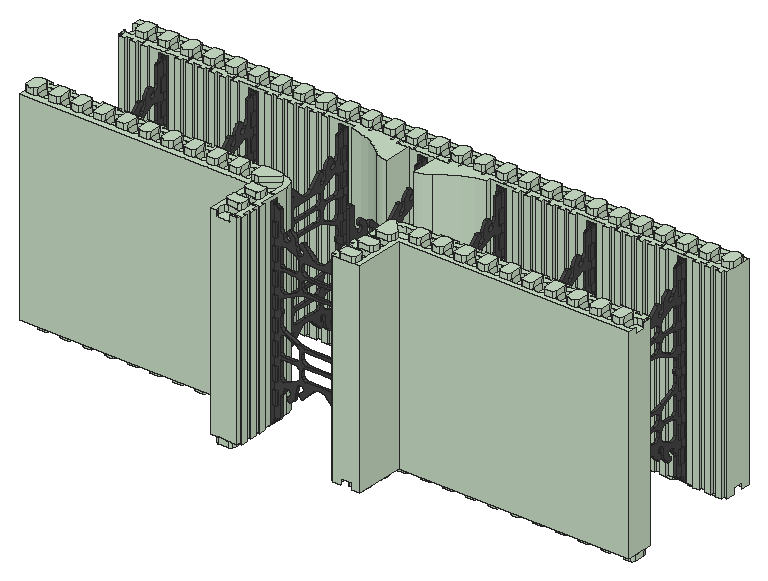
Revit family (continued)
Definition of nested family "NUDURA Diamond Pattern Missing Two Lines"
  Lines and regions (in)
    model lines
      curve 169: arc (3.35367, -5.625, 1.01517) -> (3.24384, -5.625, 0.75) -> (3.35367, -5.625, 0.48484) r 0.375
      curve 170: line (3.35367, -5.625, 0.48484) -> (3.72867, -5.625, 0.10984)
      curve 171: arc (3.72867, -5.625, 0.10984) -> (3.99384, -5.625, 0) -> (4.259, -5.625, 0.10984) r 0.375
      curve 172: line (4.259, -5.625, 0.10984) -> (4.634, -5.625, 0.48484)
      curve 173: arc (4.634, -5.625, 0.48484) -> (4.74384, -5.625, 0.75) -> (4.634, -5.625, 1.01517) r 0.375
      curve 174: line (4.634, -5.625, 1.01517) -> (4.29059, -5.625, 1.35858)
      curve 175: arc (4.29059, -5.625, 1.64142) -> (4.23201, -5.625, 1.5) -> (4.29059, -5.625, 1.35858) r 0.2
      curve 176: arc (4.17062, -5.625, 1.30178) -> (3.99384, -5.625, 1.375) -> (3.81706, -5.625, 1.30178) r 0.25
      curve 177: line (4.54562, -5.625, 0.92678) -> (4.17062, -5.625, 1.30178)
      curve 178: arc (4.54562, -5.625, 0.57322) -> (4.61884, -5.625, 0.75) -> (4.54562, -5.625, 0.92678) r 0.25
      curve 179: line (4.17062, -5.625, 0.19822) -> (4.54562, -5.625, 0.57322)
      curve 180: arc (3.81706, -5.625, 0.19822) -> (3.99384, -5.625, 0.125) -> (4.17062, -5.625, 0.19822) r 0.25
      curve 181: line (3.44206, -5.625, 0.57322) -> (3.81706, -5.625, 0.19822)
      curve 182: arc (3.44206, -5.625, 0.92678) -> (3.36884, -5.625, 0.75) -> (3.44206, -5.625, 0.57322) r 0.25
      curve 183: line (3.81706, -5.625, 1.30178) -> (3.44206, -5.625, 0.92678)
      curve 184: arc (4.29059, -5.625, 3.14142) -> (4.23201, -5.625, 3) -> (4.29059, -5.625, 2.85858) r 0.2
      curve 185: arc (4.29059, -5.625, 4.64142) -> (4.23201, -5.625, 4.5) -> (4.29059, -5.625, 4.35858) r 0.2
      curve 186: arc (4.29059, -5.625, 6.14142) -> (4.23201, -5.625, 6) -> (4.29059, -5.625, 5.85858) r 0.2
      curve 187: arc (4.29059, -5.625, 7.64142) -> (4.23201, -5.625, 7.5) -> (4.29059, -5.625, 7.35858) r 0.2
      curve 188: arc (4.29059, -5.625, 9.14142) -> (4.23201, -5.625, 9) -> (4.29059, -5.625, 8.85858) r 0.2
      curve 189: arc (4.29059, -5.625, 10.64142) -> (4.23201, -5.625, 10.5) -> (4.29059, -5.625, 10.35858) r 0.2
      curve 190: arc (4.29059, -5.625, 12.14142) -> (4.23201, -5.625, 12) -> (4.29059, -5.625, 11.85858) r 0.2
      curve 191: arc (4.29059, -5.625, 13.64142) -> (4.23201, -5.625, 13.5) -> (4.29059, -5.625, 13.35858) r 0.2
      curve 192: arc (4.29059, -5.625, 15.14142) -> (4.23201, -5.625, 15) -> (4.29059, -5.625, 14.85858) r 0.2
      curve 193: arc (4.29059, -5.625, 16.64142) -> (4.23201, -5.625, 16.5) -> (4.29059, -5.625, 16.35858) r 0.2
Definition of nested family "NUDURA Logo Diamond"
  Reference planes (in)
    plane 1 "Center (Front/Back)": y = 0
    plane 2: z = 0
    plane 3 "Center (Left/Right)": x = 0
  Lines and regions (in)
    model lines
      curve 1: line (12.59848, 0, 17.50104) -> (12.24492, 0, 17.85459)
      curve 2: line (12.36113, 0, 16.76872) -> (12.59848, 0, 17.00607)
      curve 3: line (12.59848, 0, 16.00104) -> (12.36113, 0, 16.23839)
      curve 4: line (12.36113, 0, 15.26872) -> (12.59848, 0, 15.50607)
      curve 5: line (12.59848, 0, 14.50104) -> (12.36113, 0, 14.73839)
      curve 6: line (12.36113, 0, 13.76872) -> (12.59848, 0, 14.00607)
      curve 7: line (12.17421, 0, 13.28388) -> (12.71208, 0, 12.74602)
      curve 8: line (12.71208, 0, 12.74602) -> (12.78279, 0, 12.81673)
      curve 9: line (11.28279, 0, 12.74602) -> (11.82066, 0, 13.28388)
      curve 10: line (11.63374, 0, 13.23839) -> (11.21208, 0, 12.81673)
      curve 11: line (11.3964, 0, 14.00607) -> (11.63374, 0, 13.76872)
      curve 12: line (11.63374, 0, 14.73839) -> (11.3964, 0, 14.50104)
      curve 13: line (11.3964, 0, 15.50607) -> (11.63374, 0, 15.26872)
      curve 14: line (11.63374, 0, 16.23839) -> (11.3964, 0, 16.00104)
      curve 15: line (11.3964, 0, 17.00607) -> (11.63374, 0, 16.76872)
      curve 16: line (11.74995, 0, 17.85459) -> (11.3964, 0, 17.50104)
      curve 17: line (11.82066, 0, 17.78388) -> (11.46711, 0, 17.43033)
      curve 18: line (12.52777, 0, 17.43033) -> (12.17421, 0, 17.78388)
      curve 19: line (12.17421, 0, 16.72322) -> (12.52777, 0, 17.07678)
      curve 20: line (11.46711, 0, 17.07678) -> (11.82066, 0, 16.72322)
      curve 21: arc (11.3964, 0, 17.50104) -> (11.29388, 0, 17.25355) -> (11.3964, 0, 17.00607) r 0.35
      curve 22: arc (11.74995, 0, 17.85459) -> (11.99744, 0, 17.95711) -> (12.24492, 0, 17.85459) r 0.35
      curve 23: arc (11.46711, 0, 17.43033) -> (11.39388, 0, 17.25355) -> (11.46711, 0, 17.07678) r 0.25
      curve 24: arc (12.52777, 0, 17.43033) -> (12.60099, 0, 17.25355) -> (12.52777, 0, 17.07678) r 0.25
      curve 25: arc (12.17421, 0, 16.72322) -> (11.99744, 0, 16.65) -> (11.82066, 0, 16.72322) r 0.25
      curve 26: arc (11.82066, 0, 17.78388) -> (11.99744, 0, 17.85711) -> (12.17421, 0, 17.78388) r 0.25
      curve 27: arc (12.59848, 0, 17.50104) -> (12.70099, 0, 17.25355) -> (12.59848, 0, 17.00607) r 0.35
      curve 28: arc (11.63374, 0, 16.76872) -> (11.74358, 0, 16.50355) -> (11.63374, 0, 16.23839) r 0.375
      curve 29: arc (12.36113, 0, 16.76872) -> (12.2513, 0, 16.50355) -> (12.36113, 0, 16.23839) r 0.375
      curve 30: line (12.36113, 0, 15.26872) -> (12.59848, 0, 15.50607)
      curve 31: line (11.3964, 0, 15.50607) -> (11.63374, 0, 15.26872)
      curve 32: line (11.82066, 0, 16.28388) -> (11.46711, 0, 15.93033)
      curve 33: line (12.52777, 0, 15.93033) -> (12.17421, 0, 16.28388)
      curve 34: line (12.17421, 0, 15.22322) -> (12.52777, 0, 15.57678)
      curve 35: line (11.46711, 0, 15.57678) -> (11.82066, 0, 15.22322)
      curve 36: arc (11.3964, 0, 16.00104) -> (11.29388, 0, 15.75355) -> (11.3964, 0, 15.50607) r 0.35
      curve 37: arc (11.46711, 0, 15.93033) -> (11.39388, 0, 15.75355) -> (11.46711, 0, 15.57678) r 0.25
      curve 38: arc (12.52777, 0, 15.93033) -> (12.60099, 0, 15.75355) -> (12.52777, 0, 15.57678) r 0.25
      curve 39: arc (12.17421, 0, 15.22322) -> (11.99744, 0, 15.15) -> (11.82066, 0, 15.22322) r 0.25
      curve 40: arc (11.82066, 0, 16.28388) -> (11.99744, 0, 16.35711) -> (12.17421, 0, 16.28388) r 0.25
      curve 41: arc (12.59848, 0, 16.00104) -> (12.70099, 0, 15.75355) -> (12.59848, 0, 15.50607) r 0.35
      curve 42: line (11.63374, 0, 16.23839) -> (11.3964, 0, 16.00104)
      curve 43: line (12.59848, 0, 16.00104) -> (12.36113, 0, 16.23839)
      curve 44: arc (11.63374, 0, 15.26872) -> (11.74358, 0, 15.00355) -> (11.63374, 0, 14.73839) r 0.375
      curve 45: arc (12.36113, 0, 15.26872) -> (12.2513, 0, 15.00355) -> (12.36113, 0, 14.73839) r 0.375
      curve 46: line (12.36113, 0, 13.76872) -> (12.59848, 0, 14.00607)
      curve 47: line (11.3964, 0, 14.00607) -> (11.63374, 0, 13.76872)
      curve 48: line (11.82066, 0, 14.78388) -> (11.46711, 0, 14.43033)
      curve 49: line (12.52777, 0, 14.43033) -> (12.17421, 0, 14.78388)
      curve 50: line (12.17421, 0, 13.72322) -> (12.52777, 0, 14.07678)
      curve 51: line (11.46711, 0, 14.07678) -> (11.82066, 0, 13.72322)
      curve 52: arc (11.3964, 0, 14.50104) -> (11.29388, 0, 14.25355) -> (11.3964, 0, 14.00607) r 0.35
      curve 53: arc (11.46711, 0, 14.43033) -> (11.39388, 0, 14.25355) -> (11.46711, 0, 14.07678) r 0.25
      curve 54: arc (12.52777, 0, 14.43033) -> (12.60099, 0, 14.25355) -> (12.52777, 0, 14.07678) r 0.25
      curve 55: arc (12.17421, 0, 13.72322) -> (11.99744, 0, 13.65) -> (11.82066, 0, 13.72322) r 0.25
      curve 56: arc (11.82066, 0, 14.78388) -> (11.99744, 0, 14.85711) -> (12.17421, 0, 14.78388) r 0.25
      curve 57: arc (12.59848, 0, 14.50104) -> (12.70099, 0, 14.25355) -> (12.59848, 0, 14.00607) r 0.35
      curve 58: line (11.63374, 0, 14.73839) -> (11.3964, 0, 14.50104)
      curve 59: arc (11.63374, 0, 13.76872) -> (11.74358, 0, 13.50355) -> (11.63374, 0, 13.23839) r 0.375
      curve 60: arc (12.36113, 0, 13.76872) -> (12.2513, 0, 13.50355) -> (12.36113, 0, 13.23839) r 0.375
      curve 61: line (12.78279, 0, 12.81673) -> (12.36113, 0, 13.23839)
      curve 62: line (11.21208, 0, 12.81673) -> (11.28279, 0, 12.74602)
      curve 63: arc (11.82066, 0, 13.28388) -> (11.99744, 0, 13.35711) -> (12.17421, 0, 13.28388) r 0.25
      curve 64: line (12.59848, 0, 0.50607) -> (12.24492, 0, 0.15251)
      curve 65: line (12.36113, 0, 1.23839) -> (12.59848, 0, 1.00104)
      curve 66: line (12.59848, 0, 2.00607) -> (12.36113, 0, 1.76872)
      curve 67: line (12.36113, 0, 2.73839) -> (12.59848, 0, 2.50104)
      curve 68: line (12.59848, 0, 3.50607) -> (12.36113, 0, 3.26872)
      curve 69: line (12.36113, 0, 4.23839) -> (12.59848, 0, 4.00104)
      curve 70: line (12.17421, 0, 4.72322) -> (12.71208, 0, 5.26109)
      curve 71: line (12.71208, 0, 5.26109) -> (12.78279, 0, 5.19038)
      curve 72: line (11.28279, 0, 5.26109) -> (11.82066, 0, 4.72322)
      curve 73: line (11.63374, 0, 4.76872) -> (11.21208, 0, 5.19038)
      curve 74: line (11.3964, 0, 4.00104) -> (11.63374, 0, 4.23839)
      curve 75: line (11.63374, 0, 3.26872) -> (11.3964, 0, 3.50607)
      curve 76: line (11.3964, 0, 2.50104) -> (11.63374, 0, 2.73839)
      curve 77: line (11.63374, 0, 1.76872) -> (11.3964, 0, 2.00607)
      curve 78: line (11.3964, 0, 1.00104) -> (11.63374, 0, 1.23839)
      curve 79: line (11.74995, 0, 0.15251) -> (11.3964, 0, 0.50607)
      curve 80: line (11.82066, 0, 0.22322) -> (11.46711, 0, 0.57678)
      curve 81: line (12.52777, 0, 0.57678) -> (12.17421, 0, 0.22322)
      curve 82: line (12.17421, 0, 1.28388) -> (12.52777, 0, 0.93033)
      curve 83: line (11.46711, 0, 0.93033) -> (11.82066, 0, 1.28388)
      curve 84: arc (11.3964, 0, 0.50607) -> (11.29388, 0, 0.75355) -> (11.3964, 0, 1.00104) r 0.35
      curve 85: arc (11.74995, 0, 0.15251) -> (11.99744, 0, 0.05) -> (12.24492, 0, 0.15251) r 0.35
      curve 86: arc (11.46711, 0, 0.57678) -> (11.39388, 0, 0.75355) -> (11.46711, 0, 0.93033) r 0.25
      curve 87: arc (12.52777, 0, 0.57678) -> (12.60099, 0, 0.75355) -> (12.52777, 0, 0.93033) r 0.25
      curve 88: arc (12.17421, 0, 1.28388) -> (11.99744, 0, 1.35711) -> (11.82066, 0, 1.28388) r 0.25
      curve 89: arc (11.82066, 0, 0.22322) -> (11.99744, 0, 0.15) -> (12.17421, 0, 0.22322) r 0.25
      curve 90: arc (12.59848, 0, 0.50607) -> (12.70099, 0, 0.75355) -> (12.59848, 0, 1.00104) r 0.35
      curve 91: arc (11.63374, 0, 1.23839) -> (11.74358, 0, 1.50355) -> (11.63374, 0, 1.76872) r 0.375
      curve 92: arc (12.36113, 0, 1.23839) -> (12.2513, 0, 1.50355) -> (12.36113, 0, 1.76872) r 0.375
      curve 93: line (12.36113, 0, 2.73839) -> (12.59848, 0, 2.50104)
      curve 94: line (11.3964, 0, 2.50104) -> (11.63374, 0, 2.73839)
      curve 95: line (11.82066, 0, 1.72322) -> (11.46711, 0, 2.07678)
      curve 96: line (12.52777, 0, 2.07678) -> (12.17421, 0, 1.72322)
      curve 97: line (12.17421, 0, 2.78388) -> (12.52777, 0, 2.43033)
      curve 98: line (11.46711, 0, 2.43033) -> (11.82066, 0, 2.78388)
      curve 99: arc (11.3964, 0, 2.00607) -> (11.29388, 0, 2.25355) -> (11.3964, 0, 2.50104) r 0.35
      curve 100: arc (11.46711, 0, 2.07678) -> (11.39388, 0, 2.25355) -> (11.46711, 0, 2.43033) r 0.25
      curve 101: arc (12.52777, 0, 2.07678) -> (12.60099, 0, 2.25355) -> (12.52777, 0, 2.43033) r 0.25
      curve 102: arc (12.17421, 0, 2.78388) -> (11.99744, 0, 2.85711) -> (11.82066, 0, 2.78388) r 0.25
      curve 103: arc (11.82066, 0, 1.72322) -> (11.99744, 0, 1.65) -> (12.17421, 0, 1.72322) r 0.25
      curve 104: arc (12.59848, 0, 2.00607) -> (12.70099, 0, 2.25355) -> (12.59848, 0, 2.50104) r 0.35
      curve 105: line (11.63374, 0, 1.76872) -> (11.3964, 0, 2.00607)
      curve 106: line (12.59848, 0, 2.00607) -> (12.36113, 0, 1.76872)
      curve 107: arc (11.63374, 0, 2.73839) -> (11.74358, 0, 3.00355) -> (11.63374, 0, 3.26872) r 0.375
      curve 108: arc (12.36113, 0, 2.73839) -> (12.2513, 0, 3.00355) -> (12.36113, 0, 3.26872) r 0.375
      curve 109: line (12.36113, 0, 4.23839) -> (12.59848, 0, 4.00104)
      curve 110: line (11.3964, 0, 4.00104) -> (11.63374, 0, 4.23839)
      curve 111: line (11.82066, 0, 3.22322) -> (11.46711, 0, 3.57678)
      curve 112: line (12.52777, 0, 3.57678) -> (12.17421, 0, 3.22322)
      curve 113: line (12.17421, 0, 4.28388) -> (12.52777, 0, 3.93033)
      curve 114: line (11.46711, 0, 3.93033) -> (11.82066, 0, 4.28388)
      curve 115: arc (11.3964, 0, 3.50607) -> (11.29388, 0, 3.75355) -> (11.3964, 0, 4.00104) r 0.35
      curve 116: arc (11.46711, 0, 3.57678) -> (11.39388, 0, 3.75355) -> (11.46711, 0, 3.93033) r 0.25
      curve 117: arc (12.52777, 0, 3.57678) -> (12.60099, 0, 3.75355) -> (12.52777, 0, 3.93033) r 0.25
      curve 118: arc (12.17421, 0, 4.28388) -> (11.99744, 0, 4.35711) -> (11.82066, 0, 4.28388) r 0.25
      curve 119: arc (11.82066, 0, 3.22322) -> (11.99744, 0, 3.15) -> (12.17421, 0, 3.22322) r 0.25
      curve 120: arc (12.59848, 0, 3.50607) -> (12.70099, 0, 3.75355) -> (12.59848, 0, 4.00104) r 0.35
      curve 121: line (11.63374, 0, 3.26872) -> (11.3964, 0, 3.50607)
      curve 122: arc (11.63374, 0, 4.23839) -> (11.74358, 0, 4.50355) -> (11.63374, 0, 4.76872) r 0.375
      curve 123: arc (12.36113, 0, 4.23839) -> (12.2513, 0, 4.50355) -> (12.36113, 0, 4.76872) r 0.375
      curve 124: line (12.78279, 0, 5.19038) -> (12.36113, 0, 4.76872)
      curve 125: line (11.21208, 0, 5.19038) -> (11.28279, 0, 5.26109)
      curve 126: arc (11.82066, 0, 4.72322) -> (11.99744, 0, 4.65) -> (12.17421, 0, 4.72322) r 0.25
      curve 127: line (12.37244, 0, 12.50355) -> (11.62244, 0, 12.50355)
      curve 128: line (12.74744, 0, 5.87855) -> (12.74744, 0, 12.12855)
      curve 129: line (11.24744, 0, 12.12855) -> (11.24744, 0, 5.87855)
      curve 130: line (11.62244, 0, 5.50355) -> (12.37244, 0, 5.50355)
      curve 131: line (12.47232, 0, 12.00355) -> (12.0393, 0, 12.25355)
      curve 132: line (12.47232, 0, 11.50355) -> (12.47232, 0, 12.00355)
      curve 133: line (12.25581, 0, 11.37855) -> (12.47232, 0, 11.50355)
      curve 134: line (12.02256, 0, 11.51322) -> (12.25581, 0, 11.37855)
      curve 135: line (12.22232, 0, 11.62855) -> (12.02256, 0, 11.51322)
      curve 136: line (11.80605, 0, 12.11888) -> (12.22232, 0, 11.87855)
      curve 137: line (12.22232, 0, 11.87855) -> (12.22232, 0, 11.62855)
      curve 138: line (12.0393, 0, 12.25355) -> (11.80605, 0, 12.11888)
      curve 139: line (11.77256, 0, 11.63822) -> (11.97232, 0, 11.75355)
      curve 140: line (11.97232, 0, 11.75355) -> (11.73906, 0, 11.88822)
      curve 141: line (11.73906, 0, 11.88822) -> (11.52256, 0, 11.76322)
      curve 142: line (11.52256, 0, 11.76322) -> (11.52256, 0, 11.26322)
      curve 143: line (11.77256, 0, 11.38822) -> (11.77256, 0, 11.63822)
      curve 144: line (12.18882, 0, 11.14789) -> (11.77256, 0, 11.38822)
      curve 145: line (11.95557, 0, 11.01322) -> (12.18882, 0, 11.14789)
      curve 146: line (11.52256, 0, 11.26322) -> (11.95557, 0, 11.01322)
      curve 147: line (12.31108, 0, 10.60411) -> (11.68379, 0, 10.74458)
      curve 148: line (11.68379, 0, 10.74458) -> (11.68379, 0, 10.51321)
      curve 149: line (11.68379, 0, 10.51321) -> (12.1295, 0, 10.41405)
      curve 150: line (12.1295, 0, 10.41405) -> (11.68379, 0, 10.27358)
      curve 151: line (11.68379, 0, 10.27358) -> (11.68379, 0, 9.8852)
      curve 152: line (11.68379, 0, 9.8852) -> (12.17077, 0, 9.77615)
      curve 153: line (12.17077, 0, 9.77615) -> (12.17077, 0, 9.74472)
      curve 154: line (12.17077, 0, 9.74472) -> (11.86146, 0, 9.80279)
      curve 155: line (11.68379, 0, 9.65536) -> (11.68379, 0, 9.35864)
      curve 156: line (12.07077, 0, 8.74385) -> (12.07077, 0, 8.99996)
      curve 157: line (12.07077, 0, 8.99996) -> (11.68379, 0, 9.08605)
      curve 158: line (11.68379, 0, 9.08605) -> (11.68379, 0, 8.47809)
      curve 159: line (11.91823, 0, 9.06589) -> (12.31108, 0, 8.97792)
      curve 160: line (11.82444, 0, 8.55476) -> (11.82444, 0, 8.79865)
      curve 161: line (11.82444, 0, 8.79865) -> (12.07077, 0, 8.74385)
      curve 162: line (11.68379, 0, 8.07193) -> (11.68379, 0, 7.77522)
      curve 163: line (11.91823, 0, 7.48247) -> (12.21108, 0, 7.41688)
      curve 164: line (12.21108, 0, 7.41688) -> (12.21108, 0, 6.95405)
      curve 165: line (12.16108, 0, 6.90405) -> (12.12077, 0, 6.90405)
      curve 166: line (12.07077, 0, 6.95405) -> (12.07077, 0, 7.08675)
      curve 167: line (12.07077, 0, 7.08675) -> (12.12077, 0, 7.07556)
      curve 168: line (12.12077, 0, 7.07556) -> (12.12077, 0, 7.33463)
      curve 169: line (12.12077, 0, 7.33463) -> (11.68379, 0, 7.43249)
      curve 170: line (11.68379, 0, 7.43249) -> (11.68379, 0, 7.17341)
      curve 171: line (11.68379, 0, 7.17341) -> (11.97077, 0, 7.10915)
      curve 172: line (11.97077, 0, 7.10915) -> (11.97077, 0, 6.99425)
      curve 173: line (11.92077, 0, 6.94425) -> (11.68379, 0, 6.94425)
      curve 174: line (11.68379, 0, 6.94425) -> (11.68379, 0, 6.45682)
      curve 175: line (11.68379, 0, 6.45682) -> (11.78284, 0, 6.38658)
      curve 176: line (11.78284, 0, 6.38658) -> (11.78284, 0, 6.05178)
      curve 177: line (12.12371, 0, 6.14486) -> (11.88284, 0, 6.31567)
      curve 178: line (11.88284, 0, 6.31567) -> (11.88284, 0, 6.07909)
      curve 179: line (11.88284, 0, 6.07909) -> (12.12371, 0, 6.14486)
      curve 180: line (11.78284, 0, 6.05178) -> (11.68379, 0, 6.02474)
      curve 181: line (11.68379, 0, 6.02474) -> (11.68379, 0, 5.75355)
      curve 182: line (11.68379, 0, 5.75355) -> (12.31108, 0, 5.92483)
      curve 183: line (12.31108, 0, 5.92483) -> (12.31108, 0, 6.28791)
      curve 184: line (12.31108, 0, 6.28791) -> (11.76249, 0, 6.67694)
      curve 185: line (11.76249, 0, 6.67694) -> (11.90321, 0, 6.67694)
      curve 186: line (12.31108, 0, 6.78674) -> (12.31108, 0, 7.63562)
      curve 187: line (12.31108, 0, 7.63562) -> (11.90258, 0, 7.7271)
      curve 188: line (11.82444, 0, 7.82469) -> (11.82444, 0, 7.92839)
      curve 189: line (11.88536, 0, 7.97718) -> (12.31108, 0, 7.88185)
      curve 190: line (12.31108, 0, 7.88185) -> (12.31108, 0, 8.13496)
      curve 191: line (12.31108, 0, 8.13496) -> (12.08042, 0, 8.17826)
      curve 192: line (12.31108, 0, 8.38353) -> (12.31108, 0, 8.9465)
      curve 193: line (12.31108, 0, 8.9465) -> (12.17077, 0, 8.97771)
      curve 194: line (12.17077, 0, 8.97771) -> (12.17077, 0, 8.55476)
      curve 195: line (12.31108, 0, 8.97792) -> (12.31108, 0, 9.21905)
      curve 196: line (12.31108, 0, 9.21905) -> (11.90258, 0, 9.31053)
      curve 197: line (11.82444, 0, 9.40811) -> (11.82444, 0, 9.51182)
      curve 198: line (11.87938, 0, 9.56195) -> (12.31108, 0, 9.46528)
      curve 199: line (12.31108, 0, 9.46528) -> (12.31108, 0, 9.98469)
      curve 200: line (12.31108, 0, 9.98469) -> (11.90664, 0, 10.07526)
      curve 201: line (11.90664, 0, 10.07526) -> (12.31108, 0, 10.20747)
      curve 202: line (12.31108, 0, 10.20747) -> (12.31108, 0, 10.60411)
      curve 203: arc (11.68379, 0, 9.65536) -> (11.73801, 0, 9.7708) -> (11.86146, 0, 9.80279) r 0.15
      curve 204: arc (11.68379, 0, 9.35864) -> (11.74962, 0, 9.17112) -> (11.91823, 0, 9.06589) r 0.3
      curve 205: arc (11.84417, 0, 8.22149) -> (11.72718, 0, 8.32679) -> (11.68379, 0, 8.47809) r 0.28547
      curve 206: arc (11.68379, 0, 8.07193) -> (11.73147, 0, 8.18158) -> (11.84417, 0, 8.22149) r 0.14992
      curve 207: arc (11.68379, 0, 7.77522) -> (11.74962, 0, 7.58769) -> (11.91823, 0, 7.48247) r 0.3
      curve 208: arc (11.82444, 0, 7.82469) -> (11.84638, 0, 7.76218) -> (11.90258, 0, 7.7271) r 0.1
      curve 209: arc (11.82444, 0, 7.92839) -> (11.84318, 0, 7.96742) -> (11.88536, 0, 7.97718) r 0.05
      curve 210: arc (12.12077, 0, 6.90405) -> (12.08541, 0, 6.91869) -> (12.07077, 0, 6.95405) r 0.05
      curve 211: arc (12.16108, 0, 6.90405) -> (12.19644, 0, 6.91869) -> (12.21108, 0, 6.95405) r 0.05
      curve 212: arc (11.97077, 0, 6.99425) -> (11.95612, 0, 6.95889) -> (11.92077, 0, 6.94425) r 0.05
      curve 213: arc (11.90321, 0, 6.67694) -> (11.96756, 0, 6.70069) -> (12.00104, 0, 6.76055) r 0.09904
      curve 214: arc (12.00104, 0, 6.76055) -> (12.1681, 0, 6.63117) -> (12.31108, 0, 6.78674) r 0.15613
      curve 215: arc (12.08042, 0, 8.17826) -> (12.24181, 0, 8.22914) -> (12.31108, 0, 8.38353) r 0.20667
      curve 216: arc (11.82444, 0, 8.55476) -> (11.9976, 0, 8.3816) -> (12.17077, 0, 8.55476) r 0.17317
      curve 217: arc (11.82444, 0, 9.40811) -> (11.84638, 0, 9.34561) -> (11.90258, 0, 9.31053) r 0.1
      curve 218: arc (11.82444, 0, 9.51182) -> (11.8459, 0, 9.55306) -> (11.892, 0, 9.55913) r 0.05034
      curve 219: arc (11.24744, 0, 12.12855) -> (11.35727, 0, 12.39372) -> (11.62244, 0, 12.50355) r 0.375
      curve 220: arc (12.37244, 0, 12.50355) -> (12.6376, 0, 12.39372) -> (12.74744, 0, 12.12855) r 0.375
      curve 221: arc (11.24744, 0, 5.87855) -> (11.35727, 0, 5.61339) -> (11.62244, 0, 5.50355) r 0.375
      curve 222: arc (12.37244, 0, 5.50355) -> (12.6376, 0, 5.61339) -> (12.74744, 0, 5.87855) r 0.375
      curve 223: line (9.99744, 0, 18) -> (9.99744, 0, 0)
      curve 224: line (13.99744, 0, 18) -> (13.99744, 0, 0)
      curve 225: line (15.99744, 0, 18) -> (15.99744, 0, 0)
Definition of nested family "NUDURA Diamond Pattern"
  Reference planes (in)
    plane 1 "Center (Front/Back)": y = 0
    plane 2: z = 0
    plane 3 "Center (Left/Right)": x = 0
    plane 4: z = 18
  Lines and regions (in)
    model lines
      curve 1: line (8, -5.625, 18) -> (8, -5.625, 0)
      curve 2: line (6, -5.625, 18) -> (6, -5.625, 0)
      curve 3: line (2, -5.625, 18) -> (2, -5.625, 0)
      curve 4: line (3.35367, -5.625, 16.98484) -> (3.69709, -5.625, 16.64142)
      curve 5: arc (3.35367, -5.625, 17.51517) -> (3.24384, -5.625, 17.25) -> (3.35367, -5.625, 16.98484) r 0.375
      curve 6: line (3.72867, -5.625, 17.89017) -> (3.35367, -5.625, 17.51517)
      curve 7: arc (4.259, -5.625, 17.89017) -> (3.99384, -5.625, 18) -> (3.72867, -5.625, 17.89017) r 0.375
      curve 8: line (4.634, -5.625, 17.51517) -> (4.259, -5.625, 17.89017)
      curve 9: arc (4.634, -5.625, 16.98484) -> (4.74384, -5.625, 17.25) -> (4.634, -5.625, 17.51517) r 0.375
      curve 10: line (4.29059, -5.625, 16.64142) -> (4.634, -5.625, 16.98484)
      curve 11: arc (4.17062, -5.625, 17.80178) -> (3.99384, -5.625, 17.875) -> (3.81706, -5.625, 17.80178) r 0.25
      curve 12: line (4.54562, -5.625, 17.42678) -> (4.17062, -5.625, 17.80178)
      curve 13: arc (4.54562, -5.625, 17.07322) -> (4.61884, -5.625, 17.25) -> (4.54562, -5.625, 17.42678) r 0.25
      curve 14: line (4.17062, -5.625, 16.69822) -> (4.54562, -5.625, 17.07322)
      curve 15: arc (3.81706, -5.625, 16.69822) -> (3.99384, -5.625, 16.625) -> (4.17062, -5.625, 16.69822) r 0.25
      curve 16: line (3.44206, -5.625, 17.07322) -> (3.81706, -5.625, 16.69822)
      curve 17: arc (3.44206, -5.625, 17.42678) -> (3.36884, -5.625, 17.25) -> (3.44206, -5.625, 17.07322) r 0.25
      curve 18: line (3.81706, -5.625, 17.80178) -> (3.44206, -5.625, 17.42678)
      curve 19: arc (3.69709, -5.625, 16.35858) -> (3.75567, -5.625, 16.5) -> (3.69709, -5.625, 16.64142) r 0.2
      curve 20: line (4.634, -5.625, 16.01517) -> (4.29059, -5.625, 16.35858)
      curve 21: arc (4.634, -5.625, 15.48484) -> (4.74384, -5.625, 15.75) -> (4.634, -5.625, 16.01517) r 0.375
      curve 22: line (4.29059, -5.625, 15.14142) -> (4.634, -5.625, 15.48484)
      curve 23: line (3.35367, -5.625, 15.48484) -> (3.69709, -5.625, 15.14142)
      curve 24: arc (3.35367, -5.625, 16.01517) -> (3.24384, -5.625, 15.75) -> (3.35367, -5.625, 15.48484) r 0.375
      curve 25: line (3.69709, -5.625, 16.35858) -> (3.35367, -5.625, 16.01517)
      curve 26: arc (4.17062, -5.625, 16.30178) -> (3.99384, -5.625, 16.375) -> (3.81706, -5.625, 16.30178) r 0.25
      curve 27: line (3.81706, -5.625, 16.30178) -> (3.44206, -5.625, 15.92678)
      curve 28: arc (3.44206, -5.625, 15.92678) -> (3.36884, -5.625, 15.75) -> (3.44206, -5.625, 15.57322) r 0.25
      curve 29: line (3.44206, -5.625, 15.57322) -> (3.81706, -5.625, 15.19822)
      curve 30: arc (3.81706, -5.625, 15.19822) -> (3.99384, -5.625, 15.125) -> (4.17062, -5.625, 15.19822) r 0.25
      curve 31: line (4.17062, -5.625, 15.19822) -> (4.54562, -5.625, 15.57322)
      curve 32: arc (4.54562, -5.625, 15.57322) -> (4.61884, -5.625, 15.75) -> (4.54562, -5.625, 15.92678) r 0.25
      curve 33: line (4.54562, -5.625, 15.92678) -> (4.17062, -5.625, 16.30178)
      curve 34: arc (3.69709, -5.625, 14.85858) -> (3.75567, -5.625, 15) -> (3.69709, -5.625, 15.14142) r 0.2
      curve 35: line (4.634, -5.625, 14.51517) -> (4.29059, -5.625, 14.85858)
      curve 36: arc (4.634, -5.625, 13.98484) -> (4.74384, -5.625, 14.25) -> (4.634, -5.625, 14.51517) r 0.375
      curve 37: line (4.29059, -5.625, 13.64142) -> (4.634, -5.625, 13.98484)
      curve 38: line (3.35367, -5.625, 13.98484) -> (3.69709, -5.625, 13.64142)
      curve 39: arc (3.35367, -5.625, 14.51517) -> (3.24384, -5.625, 14.25) -> (3.35367, -5.625, 13.98484) r 0.375
      curve 40: line (3.69709, -5.625, 14.85858) -> (3.35367, -5.625, 14.51517)
      curve 41: arc (4.17062, -5.625, 14.80178) -> (3.99384, -5.625, 14.875) -> (3.81706, -5.625, 14.80178) r 0.25
      curve 42: line (3.81706, -5.625, 14.80178) -> (3.44206, -5.625, 14.42678)
      curve 43: arc (3.44206, -5.625, 14.42678) -> (3.36884, -5.625, 14.25) -> (3.44206, -5.625, 14.07322) r 0.25
      curve 44: line (3.44206, -5.625, 14.07322) -> (3.81706, -5.625, 13.69822)
      curve 45: arc (3.81706, -5.625, 13.69822) -> (3.99384, -5.625, 13.625) -> (4.17062, -5.625, 13.69822) r 0.25
      curve 46: line (4.17062, -5.625, 13.69822) -> (4.54562, -5.625, 14.07322)
      curve 47: arc (4.54562, -5.625, 14.07322) -> (4.61884, -5.625, 14.25) -> (4.54562, -5.625, 14.42678) r 0.25
      curve 48: line (4.54562, -5.625, 14.42678) -> (4.17062, -5.625, 14.80178)
      curve 49: arc (3.69709, -5.625, 13.35858) -> (3.75567, -5.625, 13.5) -> (3.69709, -5.625, 13.64142) r 0.2
      curve 50: line (4.634, -5.625, 13.01517) -> (4.29059, -5.625, 13.35858)
      curve 51: arc (4.634, -5.625, 12.48484) -> (4.74384, -5.625, 12.75) -> (4.634, -5.625, 13.01517) r 0.375
      curve 52: line (4.29059, -5.625, 12.14142) -> (4.634, -5.625, 12.48484)
      curve 53: line (3.35367, -5.625, 12.48484) -> (3.69709, -5.625, 12.14142)
      curve 54: arc (3.35367, -5.625, 13.01517) -> (3.24384, -5.625, 12.75) -> (3.35367, -5.625, 12.48484) r 0.375
      curve 55: line (3.69709, -5.625, 13.35858) -> (3.35367, -5.625, 13.01517)
      curve 56: arc (4.17062, -5.625, 13.30178) -> (3.99384, -5.625, 13.375) -> (3.81706, -5.625, 13.30178) r 0.25
      curve 57: line (3.81706, -5.625, 13.30178) -> (3.44206, -5.625, 12.92678)
      curve 58: arc (3.44206, -5.625, 12.92678) -> (3.36884, -5.625, 12.75) -> (3.44206, -5.625, 12.57322) r 0.25
      curve 59: line (3.44206, -5.625, 12.57322) -> (3.81706, -5.625, 12.19822)
      curve 60: arc (3.81706, -5.625, 12.19822) -> (3.99384, -5.625, 12.125) -> (4.17062, -5.625, 12.19822) r 0.25
      curve 61: line (4.17062, -5.625, 12.19822) -> (4.54562, -5.625, 12.57322)
      curve 62: arc (4.54562, -5.625, 12.57322) -> (4.61884, -5.625, 12.75) -> (4.54562, -5.625, 12.92678) r 0.25
      curve 63: line (4.54562, -5.625, 12.92678) -> (4.17062, -5.625, 13.30178)
      curve 64: arc (3.69709, -5.625, 11.85858) -> (3.75567, -5.625, 12) -> (3.69709, -5.625, 12.14142) r 0.2
      curve 65: line (4.634, -5.625, 11.51517) -> (4.29059, -5.625, 11.85858)
      curve 66: arc (4.634, -5.625, 10.98484) -> (4.74384, -5.625, 11.25) -> (4.634, -5.625, 11.51517) r 0.375
      curve 67: line (4.29059, -5.625, 10.64142) -> (4.634, -5.625, 10.98484)
      curve 68: line (3.35367, -5.625, 10.98484) -> (3.69709, -5.625, 10.64142)
      curve 69: arc (3.35367, -5.625, 11.51517) -> (3.24384, -5.625, 11.25) -> (3.35367, -5.625, 10.98484) r 0.375
      curve 70: line (3.69709, -5.625, 11.85858) -> (3.35367, -5.625, 11.51517)
      curve 71: arc (4.17062, -5.625, 11.80178) -> (3.99384, -5.625, 11.875) -> (3.81706, -5.625, 11.80178) r 0.25
      curve 72: line (3.81706, -5.625, 11.80178) -> (3.44206, -5.625, 11.42678)
      curve 73: arc (3.44206, -5.625, 11.42678) -> (3.36884, -5.625, 11.25) -> (3.44206, -5.625, 11.07322) r 0.25
      curve 74: line (3.44206, -5.625, 11.07322) -> (3.81706, -5.625, 10.69822)
      curve 75: arc (3.81706, -5.625, 10.69822) -> (3.99384, -5.625, 10.625) -> (4.17062, -5.625, 10.69822) r 0.25
      curve 76: line (4.17062, -5.625, 10.69822) -> (4.54562, -5.625, 11.07322)
      curve 77: arc (4.54562, -5.625, 11.07322) -> (4.61884, -5.625, 11.25) -> (4.54562, -5.625, 11.42678) r 0.25
      curve 78: line (4.54562, -5.625, 11.42678) -> (4.17062, -5.625, 11.80178)
      curve 79: arc (3.69709, -5.625, 10.35858) -> (3.75567, -5.625, 10.5) -> (3.69709, -5.625, 10.64142) r 0.2
      curve 80: line (4.634, -5.625, 10.01517) -> (4.29059, -5.625, 10.35858)
      curve 81: arc (4.634, -5.625, 9.48484) -> (4.74384, -5.625, 9.75) -> (4.634, -5.625, 10.01517) r 0.375
      curve 82: line (4.29059, -5.625, 9.14142) -> (4.634, -5.625, 9.48484)
      curve 83: line (3.35367, -5.625, 9.48484) -> (3.69709, -5.625, 9.14142)
      curve 84: arc (3.35367, -5.625, 10.01517) -> (3.24384, -5.625, 9.75) -> (3.35367, -5.625, 9.48484) r 0.375
      curve 85: line (3.69709, -5.625, 10.35858) -> (3.35367, -5.625, 10.01517)
      curve 86: arc (4.17062, -5.625, 10.30178) -> (3.99384, -5.625, 10.375) -> (3.81706, -5.625, 10.30178) r 0.25
      curve 87: line (3.81706, -5.625, 10.30178) -> (3.44206, -5.625, 9.92678)
      curve 88: arc (3.44206, -5.625, 9.92678) -> (3.36884, -5.625, 9.75) -> (3.44206, -5.625, 9.57322) r 0.25
      curve 89: line (3.44206, -5.625, 9.57322) -> (3.81706, -5.625, 9.19822)
      curve 90: arc (3.81706, -5.625, 9.19822) -> (3.99384, -5.625, 9.125) -> (4.17062, -5.625, 9.19822) r 0.25
      curve 91: line (4.17062, -5.625, 9.19822) -> (4.54562, -5.625, 9.57322)
      curve 92: arc (4.54562, -5.625, 9.57322) -> (4.61884, -5.625, 9.75) -> (4.54562, -5.625, 9.92678) r 0.25
      curve 93: line (4.54562, -5.625, 9.92678) -> (4.17062, -5.625, 10.30178)
      curve 94: arc (3.69709, -5.625, 8.85858) -> (3.75567, -5.625, 9) -> (3.69709, -5.625, 9.14142) r 0.2
      curve 95: line (4.634, -5.625, 8.51517) -> (4.29059, -5.625, 8.85858)
      curve 96: arc (4.634, -5.625, 7.98484) -> (4.74384, -5.625, 8.25) -> (4.634, -5.625, 8.51517) r 0.375
      curve 97: line (4.29059, -5.625, 7.64142) -> (4.634, -5.625, 7.98484)
      curve 98: line (3.35367, -5.625, 7.98484) -> (3.69709, -5.625, 7.64142)
      curve 99: arc (3.35367, -5.625, 8.51517) -> (3.24384, -5.625, 8.25) -> (3.35367, -5.625, 7.98484) r 0.375
      curve 100: line (3.69709, -5.625, 8.85858) -> (3.35367, -5.625, 8.51517)
      curve 101: arc (4.17062, -5.625, 8.80178) -> (3.99384, -5.625, 8.875) -> (3.81706, -5.625, 8.80178) r 0.25
      curve 102: line (3.81706, -5.625, 8.80178) -> (3.44206, -5.625, 8.42678)
      curve 103: arc (3.44206, -5.625, 8.42678) -> (3.36884, -5.625, 8.25) -> (3.44206, -5.625, 8.07322) r 0.25
      curve 104: line (3.44206, -5.625, 8.07322) -> (3.81706, -5.625, 7.69822)
      curve 105: arc (3.81706, -5.625, 7.69822) -> (3.99384, -5.625, 7.625) -> (4.17062, -5.625, 7.69822) r 0.25
      curve 106: line (4.17062, -5.625, 7.69822) -> (4.54562, -5.625, 8.07322)
      curve 107: arc (4.54562, -5.625, 8.07322) -> (4.61884, -5.625, 8.25) -> (4.54562, -5.625, 8.42678) r 0.25
      curve 108: line (4.54562, -5.625, 8.42678) -> (4.17062, -5.625, 8.80178)
      curve 109: arc (3.69709, -5.625, 7.35858) -> (3.75567, -5.625, 7.5) -> (3.69709, -5.625, 7.64142) r 0.2
      curve 110: line (4.634, -5.625, 7.01517) -> (4.29059, -5.625, 7.35858)
      curve 111: arc (4.634, -5.625, 6.48484) -> (4.74384, -5.625, 6.75) -> (4.634, -5.625, 7.01517) r 0.375
      curve 112: line (4.29059, -5.625, 6.14142) -> (4.634, -5.625, 6.48484)
      curve 113: line (3.35367, -5.625, 6.48484) -> (3.69709, -5.625, 6.14142)
      curve 114: arc (3.35367, -5.625, 7.01517) -> (3.24384, -5.625, 6.75) -> (3.35367, -5.625, 6.48484) r 0.375
      curve 115: line (3.69709, -5.625, 7.35858) -> (3.35367, -5.625, 7.01517)
      curve 116: arc (4.17062, -5.625, 7.30178) -> (3.99384, -5.625, 7.375) -> (3.81706, -5.625, 7.30178) r 0.25
      curve 117: line (3.81706, -5.625, 7.30178) -> (3.44206, -5.625, 6.92678)
      curve 118: arc (3.44206, -5.625, 6.92678) -> (3.36884, -5.625, 6.75) -> (3.44206, -5.625, 6.57322) r 0.25
      curve 119: line (3.44206, -5.625, 6.57322) -> (3.81706, -5.625, 6.19822)
      curve 120: arc (3.81706, -5.625, 6.19822) -> (3.99384, -5.625, 6.125) -> (4.17062, -5.625, 6.19822) r 0.25
      curve 121: line (4.17062, -5.625, 6.19822) -> (4.54562, -5.625, 6.57322)
      curve 122: arc (4.54562, -5.625, 6.57322) -> (4.61884, -5.625, 6.75) -> (4.54562, -5.625, 6.92678) r 0.25
      curve 123: line (4.54562, -5.625, 6.92678) -> (4.17062, -5.625, 7.30178)
      curve 124: arc (3.69709, -5.625, 5.85858) -> (3.75567, -5.625, 6) -> (3.69709, -5.625, 6.14142) r 0.2
      curve 125: line (4.634, -5.625, 5.51517) -> (4.29059, -5.625, 5.85858)
      curve 126: arc (4.634, -5.625, 4.98484) -> (4.74384, -5.625, 5.25) -> (4.634, -5.625, 5.51517) r 0.375
      curve 127: line (4.29059, -5.625, 4.64142) -> (4.634, -5.625, 4.98484)
      curve 128: line (3.35367, -5.625, 4.98484) -> (3.69709, -5.625, 4.64142)
      curve 129: arc (3.35367, -5.625, 5.51517) -> (3.24384, -5.625, 5.25) -> (3.35367, -5.625, 4.98484) r 0.375
      curve 130: line (3.69709, -5.625, 5.85858) -> (3.35367, -5.625, 5.51517)
      curve 131: arc (4.17062, -5.625, 5.80178) -> (3.99384, -5.625, 5.875) -> (3.81706, -5.625, 5.80178) r 0.25
      curve 132: line (3.81706, -5.625, 5.80178) -> (3.44206, -5.625, 5.42678)
      curve 133: arc (3.44206, -5.625, 5.42678) -> (3.36884, -5.625, 5.25) -> (3.44206, -5.625, 5.07322) r 0.25
      curve 134: line (3.44206, -5.625, 5.07322) -> (3.81706, -5.625, 4.69822)
      curve 135: arc (3.81706, -5.625, 4.69822) -> (3.99384, -5.625, 4.625) -> (4.17062, -5.625, 4.69822) r 0.25
      curve 136: line (4.17062, -5.625, 4.69822) -> (4.54562, -5.625, 5.07322)
      curve 137: arc (4.54562, -5.625, 5.07322) -> (4.61884, -5.625, 5.25) -> (4.54562, -5.625, 5.42678) r 0.25
      curve 138: line (4.54562, -5.625, 5.42678) -> (4.17062, -5.625, 5.80178)
      curve 139: arc (3.69709, -5.625, 4.35858) -> (3.75567, -5.625, 4.5) -> (3.69709, -5.625, 4.64142) r 0.2
      curve 140: line (4.634, -5.625, 4.01517) -> (4.29059, -5.625, 4.35858)
      curve 141: arc (4.634, -5.625, 3.48484) -> (4.74384, -5.625, 3.75) -> (4.634, -5.625, 4.01517) r 0.375
      curve 142: line (4.29059, -5.625, 3.14142) -> (4.634, -5.625, 3.48484)
      curve 143: line (3.35367, -5.625, 3.48484) -> (3.69709, -5.625, 3.14142)
      curve 144: arc (3.35367, -5.625, 4.01517) -> (3.24384, -5.625, 3.75) -> (3.35367, -5.625, 3.48484) r 0.375
      curve 145: line (3.69709, -5.625, 4.35858) -> (3.35367, -5.625, 4.01517)
      curve 146: arc (4.17062, -5.625, 4.30178) -> (3.99384, -5.625, 4.375) -> (3.81706, -5.625, 4.30178) r 0.25
      curve 147: line (3.81706, -5.625, 4.30178) -> (3.44206, -5.625, 3.92678)
      curve 148: arc (3.44206, -5.625, 3.92678) -> (3.36884, -5.625, 3.75) -> (3.44206, -5.625, 3.57322) r 0.25
      curve 149: line (3.44206, -5.625, 3.57322) -> (3.81706, -5.625, 3.19822)
      curve 150: arc (3.81706, -5.625, 3.19822) -> (3.99384, -5.625, 3.125) -> (4.17062, -5.625, 3.19822) r 0.25
      curve 151: line (4.17062, -5.625, 3.19822) -> (4.54562, -5.625, 3.57322)
      curve 152: arc (4.54562, -5.625, 3.57322) -> (4.61884, -5.625, 3.75) -> (4.54562, -5.625, 3.92678) r 0.25
      curve 153: line (4.54562, -5.625, 3.92678) -> (4.17062, -5.625, 4.30178)
      curve 154: arc (3.69709, -5.625, 2.85858) -> (3.75567, -5.625, 3) -> (3.69709, -5.625, 3.14142) r 0.2
      curve 155: line (4.634, -5.625, 2.51517) -> (4.29059, -5.625, 2.85858)
      curve 156: arc (4.634, -5.625, 1.98484) -> (4.74384, -5.625, 2.25) -> (4.634, -5.625, 2.51517) r 0.375
      curve 157: line (4.29059, -5.625, 1.64142) -> (4.634, -5.625, 1.98484)
      curve 158: line (3.35367, -5.625, 1.98484) -> (3.69709, -5.625, 1.64142)
      curve 159: arc (3.35367, -5.625, 2.51517) -> (3.24384, -5.625, 2.25) -> (3.35367, -5.625, 1.98484) r 0.375
      curve 160: line (3.69709, -5.625, 2.85858) -> (3.35367, -5.625, 2.51517)
      curve 161: arc (4.17062, -5.625, 2.80178) -> (3.99384, -5.625, 2.875) -> (3.81706, -5.625, 2.80178) r 0.25
      curve 162: line (3.81706, -5.625, 2.80178) -> (3.44206, -5.625, 2.42678)
      curve 163: arc (3.44206, -5.625, 2.42678) -> (3.36884, -5.625, 2.25) -> (3.44206, -5.625, 2.07322) r 0.25
      curve 164: line (3.44206, -5.625, 2.07322) -> (3.81706, -5.625, 1.69822)
      curve 165: arc (3.81706, -5.625, 1.69822) -> (3.99384, -5.625, 1.625) -> (4.17062, -5.625, 1.69822) r 0.25
      curve 166: line (4.17062, -5.625, 1.69822) -> (4.54562, -5.625, 2.07322)
      curve 167: arc (4.54562, -5.625, 2.07322) -> (4.61884, -5.625, 2.25) -> (4.54562, -5.625, 2.42678) r 0.25
      curve 168: line (4.54562, -5.625, 2.42678) -> (4.17062, -5.625, 2.80178)
      curve 169: arc (3.69709, -5.625, 1.35858) -> (3.75567, -5.625, 1.5) -> (3.69709, -5.625, 1.64142) r 0.2
      curve 170: line (3.69709, -5.625, 1.35858) -> (3.35367, -5.625, 1.01517)
      curve 171: arc (3.35367, -5.625, 1.01517) -> (3.24384, -5.625, 0.75) -> (3.35367, -5.625, 0.48484) r 0.375
      curve 172: line (3.35367, -5.625, 0.48484) -> (3.72867, -5.625, 0.10984)
      curve 173: arc (3.72867, -5.625, 0.10984) -> (3.99384, -5.625, 0) -> (4.259, -5.625, 0.10984) r 0.375
      curve 174: line (4.259, -5.625, 0.10984) -> (4.634, -5.625, 0.48484)
      curve 175: arc (4.634, -5.625, 0.48484) -> (4.74384, -5.625, 0.75) -> (4.634, -5.625, 1.01517) r 0.375
      curve 176: line (4.634, -5.625, 1.01517) -> (4.29059, -5.625, 1.35858)
      curve 177: arc (4.29059, -5.625, 1.64142) -> (4.23201, -5.625, 1.5) -> (4.29059, -5.625, 1.35858) r 0.2
      curve 178: arc (4.17062, -5.625, 1.30178) -> (3.99384, -5.625, 1.375) -> (3.81706, -5.625, 1.30178) r 0.25
      curve 179: line (4.54562, -5.625, 0.92678) -> (4.17062, -5.625, 1.30178)
      curve 180: arc (4.54562, -5.625, 0.57322) -> (4.61884, -5.625, 0.75) -> (4.54562, -5.625, 0.92678) r 0.25
      curve 181: line (4.17062, -5.625, 0.19822) -> (4.54562, -5.625, 0.57322)
      curve 182: arc (3.81706, -5.625, 0.19822) -> (3.99384, -5.625, 0.125) -> (4.17062, -5.625, 0.19822) r 0.25
      curve 183: line (3.44206, -5.625, 0.57322) -> (3.81706, -5.625, 0.19822)
      curve 184: arc (3.44206, -5.625, 0.92678) -> (3.36884, -5.625, 0.75) -> (3.44206, -5.625, 0.57322) r 0.25
      curve 185: line (3.81706, -5.625, 1.30178) -> (3.44206, -5.625, 0.92678)
      curve 186: arc (4.29059, -5.625, 3.14142) -> (4.23201, -5.625, 3) -> (4.29059, -5.625, 2.85858) r 0.2
      curve 187: arc (4.29059, -5.625, 4.64142) -> (4.23201, -5.625, 4.5) -> (4.29059, -5.625, 4.35858) r 0.2
      curve 188: arc (4.29059, -5.625, 6.14142) -> (4.23201, -5.625, 6) -> (4.29059, -5.625, 5.85858) r 0.2
      curve 189: arc (4.29059, -5.625, 7.64142) -> (4.23201, -5.625, 7.5) -> (4.29059, -5.625, 7.35858) r 0.2
      curve 190: arc (4.29059, -5.625, 9.14142) -> (4.23201, -5.625, 9) -> (4.29059, -5.625, 8.85858) r 0.2
      curve 191: arc (4.29059, -5.625, 10.64142) -> (4.23201, -5.625, 10.5) -> (4.29059, -5.625, 10.35858) r 0.2
      curve 192: arc (4.29059, -5.625, 12.14142) -> (4.23201, -5.625, 12) -> (4.29059, -5.625, 11.85858) r 0.2
      curve 193: arc (4.29059, -5.625, 13.64142) -> (4.23201, -5.625, 13.5) -> (4.29059, -5.625, 13.35858) r 0.2
      curve 194: arc (4.29059, -5.625, 15.14142) -> (4.23201, -5.625, 15) -> (4.29059, -5.625, 14.85858) r 0.2
      curve 195: arc (4.29059, -5.625, 16.64142) -> (4.23201, -5.625, 16.5) -> (4.29059, -5.625, 16.35858) r 0.2
Definition of nested family "NUDURA Diamond Pattern Missing Left Line"
  Reference planes (in)
    plane 1 "Center (Front/Back)": y = 0
    plane 2: z = 0
    plane 3 "Center (Left/Right)": x = 0
    plane 4: z = 18
  Lines and regions (in)
    model lines
      curve 1: line (8, -5.625, 18) -> (8, -5.625, 0)
      curve 2: line (6, -5.625, 18) -> (6, -5.625, 0)
      curve 3: line (3.35367, -5.625, 16.98484) -> (3.69709, -5.625, 16.64142)
      curve 4: arc (3.35367, -5.625, 17.51517) -> (3.24384, -5.625, 17.25) -> (3.35367, -5.625, 16.98484) r 0.375
      curve 5: line (3.72867, -5.625, 17.89017) -> (3.35367, -5.625, 17.51517)
      curve 6: arc (4.259, -5.625, 17.89017) -> (3.99384, -5.625, 18) -> (3.72867, -5.625, 17.89017) r 0.375
      curve 7: line (4.634, -5.625, 17.51517) -> (4.259, -5.625, 17.89017)
      curve 8: arc (4.634, -5.625, 16.98484) -> (4.74384, -5.625, 17.25) -> (4.634, -5.625, 17.51517) r 0.375
      curve 9: line (4.29059, -5.625, 16.64142) -> (4.634, -5.625, 16.98484)
      curve 10: arc (4.17062, -5.625, 17.80178) -> (3.99384, -5.625, 17.875) -> (3.81706, -5.625, 17.80178) r 0.25
      curve 11: line (4.54562, -5.625, 17.42678) -> (4.17062, -5.625, 17.80178)
      curve 12: arc (4.54562, -5.625, 17.07322) -> (4.61884, -5.625, 17.25) -> (4.54562, -5.625, 17.42678) r 0.25
      curve 13: line (4.17062, -5.625, 16.69822) -> (4.54562, -5.625, 17.07322)
      curve 14: arc (3.81706, -5.625, 16.69822) -> (3.99384, -5.625, 16.625) -> (4.17062, -5.625, 16.69822) r 0.25
      curve 15: line (3.44206, -5.625, 17.07322) -> (3.81706, -5.625, 16.69822)
      curve 16: arc (3.44206, -5.625, 17.42678) -> (3.36884, -5.625, 17.25) -> (3.44206, -5.625, 17.07322) r 0.25
      curve 17: line (3.81706, -5.625, 17.80178) -> (3.44206, -5.625, 17.42678)
      curve 18: arc (3.69709, -5.625, 16.35858) -> (3.75567, -5.625, 16.5) -> (3.69709, -5.625, 16.64142) r 0.2
      curve 19: line (4.634, -5.625, 16.01517) -> (4.29059, -5.625, 16.35858)
      curve 20: arc (4.634, -5.625, 15.48484) -> (4.74384, -5.625, 15.75) -> (4.634, -5.625, 16.01517) r 0.375
      curve 21: line (4.29059, -5.625, 15.14142) -> (4.634, -5.625, 15.48484)
      curve 22: line (3.35367, -5.625, 15.48484) -> (3.69709, -5.625, 15.14142)
      curve 23: arc (3.35367, -5.625, 16.01517) -> (3.24384, -5.625, 15.75) -> (3.35367, -5.625, 15.48484) r 0.375
      curve 24: line (3.69709, -5.625, 16.35858) -> (3.35367, -5.625, 16.01517)
      curve 25: arc (4.17062, -5.625, 16.30178) -> (3.99384, -5.625, 16.375) -> (3.81706, -5.625, 16.30178) r 0.25
      curve 26: line (3.81706, -5.625, 16.30178) -> (3.44206, -5.625, 15.92678)
      curve 27: arc (3.44206, -5.625, 15.92678) -> (3.36884, -5.625, 15.75) -> (3.44206, -5.625, 15.57322) r 0.25
      curve 28: line (3.44206, -5.625, 15.57322) -> (3.81706, -5.625, 15.19822)
      curve 29: arc (3.81706, -5.625, 15.19822) -> (3.99384, -5.625, 15.125) -> (4.17062, -5.625, 15.19822) r 0.25
      curve 30: line (4.17062, -5.625, 15.19822) -> (4.54562, -5.625, 15.57322)
      curve 31: arc (4.54562, -5.625, 15.57322) -> (4.61884, -5.625, 15.75) -> (4.54562, -5.625, 15.92678) r 0.25
      curve 32: line (4.54562, -5.625, 15.92678) -> (4.17062, -5.625, 16.30178)
      curve 33: arc (3.69709, -5.625, 14.85858) -> (3.75567, -5.625, 15) -> (3.69709, -5.625, 15.14142) r 0.2
      curve 34: line (4.634, -5.625, 14.51517) -> (4.29059, -5.625, 14.85858)
      curve 35: arc (4.634, -5.625, 13.98484) -> (4.74384, -5.625, 14.25) -> (4.634, -5.625, 14.51517) r 0.375
      curve 36: line (4.29059, -5.625, 13.64142) -> (4.634, -5.625, 13.98484)
      curve 37: line (3.35367, -5.625, 13.98484) -> (3.69709, -5.625, 13.64142)
      curve 38: arc (3.35367, -5.625, 14.51517) -> (3.24384, -5.625, 14.25) -> (3.35367, -5.625, 13.98484) r 0.375
      curve 39: line (3.69709, -5.625, 14.85858) -> (3.35367, -5.625, 14.51517)
      curve 40: arc (4.17062, -5.625, 14.80178) -> (3.99384, -5.625, 14.875) -> (3.81706, -5.625, 14.80178) r 0.25
      curve 41: line (3.81706, -5.625, 14.80178) -> (3.44206, -5.625, 14.42678)
      curve 42: arc (3.44206, -5.625, 14.42678) -> (3.36884, -5.625, 14.25) -> (3.44206, -5.625, 14.07322) r 0.25
      curve 43: line (3.44206, -5.625, 14.07322) -> (3.81706, -5.625, 13.69822)
      curve 44: arc (3.81706, -5.625, 13.69822) -> (3.99384, -5.625, 13.625) -> (4.17062, -5.625, 13.69822) r 0.25
      curve 45: line (4.17062, -5.625, 13.69822) -> (4.54562, -5.625, 14.07322)
      curve 46: arc (4.54562, -5.625, 14.07322) -> (4.61884, -5.625, 14.25) -> (4.54562, -5.625, 14.42678) r 0.25
      curve 47: line (4.54562, -5.625, 14.42678) -> (4.17062, -5.625, 14.80178)
      curve 48: arc (3.69709, -5.625, 13.35858) -> (3.75567, -5.625, 13.5) -> (3.69709, -5.625, 13.64142) r 0.2
      curve 49: line (4.634, -5.625, 13.01517) -> (4.29059, -5.625, 13.35858)
      curve 50: arc (4.634, -5.625, 12.48484) -> (4.74384, -5.625, 12.75) -> (4.634, -5.625, 13.01517) r 0.375
      curve 51: line (4.29059, -5.625, 12.14142) -> (4.634, -5.625, 12.48484)
      curve 52: line (3.35367, -5.625, 12.48484) -> (3.69709, -5.625, 12.14142)
      curve 53: arc (3.35367, -5.625, 13.01517) -> (3.24384, -5.625, 12.75) -> (3.35367, -5.625, 12.48484) r 0.375
      curve 54: line (3.69709, -5.625, 13.35858) -> (3.35367, -5.625, 13.01517)
      curve 55: arc (4.17062, -5.625, 13.30178) -> (3.99384, -5.625, 13.375) -> (3.81706, -5.625, 13.30178) r 0.25
      curve 56: line (3.81706, -5.625, 13.30178) -> (3.44206, -5.625, 12.92678)
      curve 57: arc (3.44206, -5.625, 12.92678) -> (3.36884, -5.625, 12.75) -> (3.44206, -5.625, 12.57322) r 0.25
      curve 58: line (3.44206, -5.625, 12.57322) -> (3.81706, -5.625, 12.19822)
      curve 59: arc (3.81706, -5.625, 12.19822) -> (3.99384, -5.625, 12.125) -> (4.17062, -5.625, 12.19822) r 0.25
      curve 60: line (4.17062, -5.625, 12.19822) -> (4.54562, -5.625, 12.57322)
      curve 61: arc (4.54562, -5.625, 12.57322) -> (4.61884, -5.625, 12.75) -> (4.54562, -5.625, 12.92678) r 0.25
      curve 62: line (4.54562, -5.625, 12.92678) -> (4.17062, -5.625, 13.30178)
      curve 63: arc (3.69709, -5.625, 11.85858) -> (3.75567, -5.625, 12) -> (3.69709, -5.625, 12.14142) r 0.2
      curve 64: line (4.634, -5.625, 11.51517) -> (4.29059, -5.625, 11.85858)
      curve 65: arc (4.634, -5.625, 10.98484) -> (4.74384, -5.625, 11.25) -> (4.634, -5.625, 11.51517) r 0.375
      curve 66: line (4.29059, -5.625, 10.64142) -> (4.634, -5.625, 10.98484)
      curve 67: line (3.35367, -5.625, 10.98484) -> (3.69709, -5.625, 10.64142)
      curve 68: arc (3.35367, -5.625, 11.51517) -> (3.24384, -5.625, 11.25) -> (3.35367, -5.625, 10.98484) r 0.375
      curve 69: line (3.69709, -5.625, 11.85858) -> (3.35367, -5.625, 11.51517)
      curve 70: arc (4.17062, -5.625, 11.80178) -> (3.99384, -5.625, 11.875) -> (3.81706, -5.625, 11.80178) r 0.25
      curve 71: line (3.81706, -5.625, 11.80178) -> (3.44206, -5.625, 11.42678)
      curve 72: arc (3.44206, -5.625, 11.42678) -> (3.36884, -5.625, 11.25) -> (3.44206, -5.625, 11.07322) r 0.25
      curve 73: line (3.44206, -5.625, 11.07322) -> (3.81706, -5.625, 10.69822)
      curve 74: arc (3.81706, -5.625, 10.69822) -> (3.99384, -5.625, 10.625) -> (4.17062, -5.625, 10.69822) r 0.25
      curve 75: line (4.17062, -5.625, 10.69822) -> (4.54562, -5.625, 11.07322)
      curve 76: arc (4.54562, -5.625, 11.07322) -> (4.61884, -5.625, 11.25) -> (4.54562, -5.625, 11.42678) r 0.25
      curve 77: line (4.54562, -5.625, 11.42678) -> (4.17062, -5.625, 11.80178)
      curve 78: arc (3.69709, -5.625, 10.35858) -> (3.75567, -5.625, 10.5) -> (3.69709, -5.625, 10.64142) r 0.2
      curve 79: line (4.634, -5.625, 10.01517) -> (4.29059, -5.625, 10.35858)
      curve 80: arc (4.634, -5.625, 9.48484) -> (4.74384, -5.625, 9.75) -> (4.634, -5.625, 10.01517) r 0.375
      curve 81: line (4.29059, -5.625, 9.14142) -> (4.634, -5.625, 9.48484)
      curve 82: line (3.35367, -5.625, 9.48484) -> (3.69709, -5.625, 9.14142)
      curve 83: arc (3.35367, -5.625, 10.01517) -> (3.24384, -5.625, 9.75) -> (3.35367, -5.625, 9.48484) r 0.375
      curve 84: line (3.69709, -5.625, 10.35858) -> (3.35367, -5.625, 10.01517)
      curve 85: arc (4.17062, -5.625, 10.30178) -> (3.99384, -5.625, 10.375) -> (3.81706, -5.625, 10.30178) r 0.25
      curve 86: line (3.81706, -5.625, 10.30178) -> (3.44206, -5.625, 9.92678)
      curve 87: arc (3.44206, -5.625, 9.92678) -> (3.36884, -5.625, 9.75) -> (3.44206, -5.625, 9.57322) r 0.25
      curve 88: line (3.44206, -5.625, 9.57322) -> (3.81706, -5.625, 9.19822)
      curve 89: arc (3.81706, -5.625, 9.19822) -> (3.99384, -5.625, 9.125) -> (4.17062, -5.625, 9.19822) r 0.25
      curve 90: line (4.17062, -5.625, 9.19822) -> (4.54562, -5.625, 9.57322)
      curve 91: arc (4.54562, -5.625, 9.57322) -> (4.61884, -5.625, 9.75) -> (4.54562, -5.625, 9.92678) r 0.25
      curve 92: line (4.54562, -5.625, 9.92678) -> (4.17062, -5.625, 10.30178)
      curve 93: arc (3.69709, -5.625, 8.85858) -> (3.75567, -5.625, 9) -> (3.69709, -5.625, 9.14142) r 0.2
      curve 94: line (4.634, -5.625, 8.51517) -> (4.29059, -5.625, 8.85858)
      curve 95: arc (4.634, -5.625, 7.98484) -> (4.74384, -5.625, 8.25) -> (4.634, -5.625, 8.51517) r 0.375
      curve 96: line (4.29059, -5.625, 7.64142) -> (4.634, -5.625, 7.98484)
      curve 97: line (3.35367, -5.625, 7.98484) -> (3.69709, -5.625, 7.64142)
      curve 98: arc (3.35367, -5.625, 8.51517) -> (3.24384, -5.625, 8.25) -> (3.35367, -5.625, 7.98484) r 0.375
      curve 99: line (3.69709, -5.625, 8.85858) -> (3.35367, -5.625, 8.51517)
      curve 100: arc (4.17062, -5.625, 8.80178) -> (3.99384, -5.625, 8.875) -> (3.81706, -5.625, 8.80178) r 0.25
      curve 101: line (3.81706, -5.625, 8.80178) -> (3.44206, -5.625, 8.42678)
      curve 102: arc (3.44206, -5.625, 8.42678) -> (3.36884, -5.625, 8.25) -> (3.44206, -5.625, 8.07322) r 0.25
      curve 103: line (3.44206, -5.625, 8.07322) -> (3.81706, -5.625, 7.69822)
      curve 104: arc (3.81706, -5.625, 7.69822) -> (3.99384, -5.625, 7.625) -> (4.17062, -5.625, 7.69822) r 0.25
      curve 105: line (4.17062, -5.625, 7.69822) -> (4.54562, -5.625, 8.07322)
      curve 106: arc (4.54562, -5.625, 8.07322) -> (4.61884, -5.625, 8.25) -> (4.54562, -5.625, 8.42678) r 0.25
      curve 107: line (4.54562, -5.625, 8.42678) -> (4.17062, -5.625, 8.80178)
      curve 108: arc (3.69709, -5.625, 7.35858) -> (3.75567, -5.625, 7.5) -> (3.69709, -5.625, 7.64142) r 0.2
      curve 109: line (4.634, -5.625, 7.01517) -> (4.29059, -5.625, 7.35858)
      curve 110: arc (4.634, -5.625, 6.48484) -> (4.74384, -5.625, 6.75) -> (4.634, -5.625, 7.01517) r 0.375
      curve 111: line (4.29059, -5.625, 6.14142) -> (4.634, -5.625, 6.48484)
      curve 112: line (3.35367, -5.625, 6.48484) -> (3.69709, -5.625, 6.14142)
      curve 113: arc (3.35367, -5.625, 7.01517) -> (3.24384, -5.625, 6.75) -> (3.35367, -5.625, 6.48484) r 0.375
      curve 114: line (3.69709, -5.625, 7.35858) -> (3.35367, -5.625, 7.01517)
      curve 115: arc (4.17062, -5.625, 7.30178) -> (3.99384, -5.625, 7.375) -> (3.81706, -5.625, 7.30178) r 0.25
      curve 116: line (3.81706, -5.625, 7.30178) -> (3.44206, -5.625, 6.92678)
      curve 117: arc (3.44206, -5.625, 6.92678) -> (3.36884, -5.625, 6.75) -> (3.44206, -5.625, 6.57322) r 0.25
      curve 118: line (3.44206, -5.625, 6.57322) -> (3.81706, -5.625, 6.19822)
      curve 119: arc (3.81706, -5.625, 6.19822) -> (3.99384, -5.625, 6.125) -> (4.17062, -5.625, 6.19822) r 0.25
      curve 120: line (4.17062, -5.625, 6.19822) -> (4.54562, -5.625, 6.57322)
      curve 121: arc (4.54562, -5.625, 6.57322) -> (4.61884, -5.625, 6.75) -> (4.54562, -5.625, 6.92678) r 0.25
      curve 122: line (4.54562, -5.625, 6.92678) -> (4.17062, -5.625, 7.30178)
      curve 123: arc (3.69709, -5.625, 5.85858) -> (3.75567, -5.625, 6) -> (3.69709, -5.625, 6.14142) r 0.2
      curve 124: line (4.634, -5.625, 5.51517) -> (4.29059, -5.625, 5.85858)
      curve 125: arc (4.634, -5.625, 4.98484) -> (4.74384, -5.625, 5.25) -> (4.634, -5.625, 5.51517) r 0.375
      curve 126: line (4.29059, -5.625, 4.64142) -> (4.634, -5.625, 4.98484)
      curve 127: line (3.35367, -5.625, 4.98484) -> (3.69709, -5.625, 4.64142)
      curve 128: arc (3.35367, -5.625, 5.51517) -> (3.24384, -5.625, 5.25) -> (3.35367, -5.625, 4.98484) r 0.375
      curve 129: line (3.69709, -5.625, 5.85858) -> (3.35367, -5.625, 5.51517)
      curve 130: arc (4.17062, -5.625, 5.80178) -> (3.99384, -5.625, 5.875) -> (3.81706, -5.625, 5.80178) r 0.25
      curve 131: line (3.81706, -5.625, 5.80178) -> (3.44206, -5.625, 5.42678)
      curve 132: arc (3.44206, -5.625, 5.42678) -> (3.36884, -5.625, 5.25) -> (3.44206, -5.625, 5.07322) r 0.25
      curve 133: line (3.44206, -5.625, 5.07322) -> (3.81706, -5.625, 4.69822)
      curve 134: arc (3.81706, -5.625, 4.69822) -> (3.99384, -5.625, 4.625) -> (4.17062, -5.625, 4.69822) r 0.25
      curve 135: line (4.17062, -5.625, 4.69822) -> (4.54562, -5.625, 5.07322)
      curve 136: arc (4.54562, -5.625, 5.07322) -> (4.61884, -5.625, 5.25) -> (4.54562, -5.625, 5.42678) r 0.25
